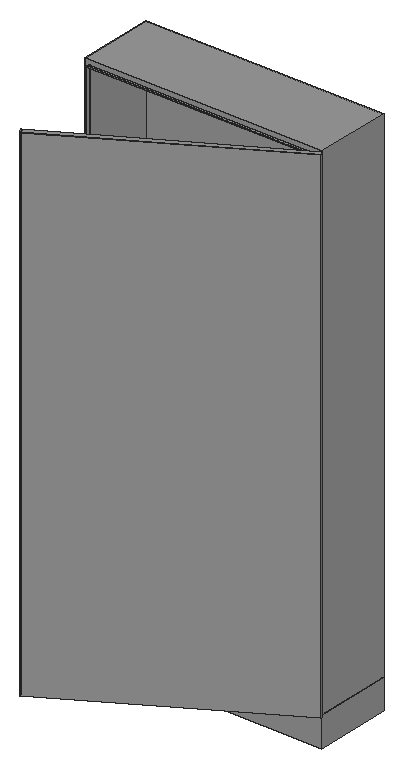
Revit family "Hager-Univers-IP55-D275-H1800-Cl.II-Steel_encl-NoHosted-NL-en", category Equipement électrique, Revit 2020
Family settings
  Configuration du panneau = Deux colonnes, circuits au sein
  Cote de connecteur circulaire = Utiliser le diamètre
  Type d'élément = Tableau de raccordement
  Basée sur le plan de construction = Oui
  Toujours verticalement = Oui
  Couper avec des vides une fois chargée = Non
  Partagée = Non
  Point de calcul de pièce = Non
Parameters (values of type "Floor installation IP55 W800 H1800 D275  - FR13S1")
  Width Control [instance] = if([EF000008 - Width] > Min Width, [EF000008 - Width], Min Width)  # 800 mm
  Commentaires du type = [HG000003 - Range]  # "Univers"
  Thickness Door [instance] = if([EF009171 - Material plate thickness door/cover] > 3 mm, 3 mm, [EF009171 - Material plate thickness door/cover])  # 1.5 mm
  Seal Frame Offset [instance] = 17 mm  # constant formula
  Plinth Visibility [instance] = [HG000027 - Plinth height] > 0 mm  # yes
  Min Width [instance] = 100 mm  # constant formula
  Min Depth [instance] = (2 * [EF009170 - Material plate thickness cabinet]) + 1 mm  # 4 mm
  Min Height [instance] = 100 mm  # constant formula
  Internal Frame Depth [instance] = (Door System Depth * 0.5)  # 9 mm
  Panel Name [instance] = ""  # (empty or 0)
  Model = ""
  HG000027 - Plinth height = 100 mm
  HG000026 - Floor standing = yes
  HG000024 - Bottom section height = 600 mm
  HG000023 - Double section enclosure = no
  HG000016 - Door 3d visibility [instance] = yes
  HG000015 - Clearance visibility [instance] = no
  HG000014 - Door on the right [instance] = yes
  HG000013 - Door on the left [instance] = not([HG000014 - Door on the right])  # no
  HG000012 - Door swing angle [instance] = 30.00°
  HG000010 - Asymmetric doors = no
  HG000009 - Double swing door = no
  HG000006 - Flush mounted = no
  HG000004 - Manufacturer reference = "FR13S1"
  HG000003 - Range = "Univers"
  HG000002 - With door or cover = yes
  Frame Offset Bottom [instance] = 10 mm  # constant formula
  Frame Offset [instance] = 15 mm  # constant formula
  EF015940 - Cover with overpressure release = no
  EF011959 - Degree of protection (NEMA) = ""
  EF009554 - Number of openings for flange plates = 6
  EF009212 - Cover model = "EV000116 - Closed"
  EF009171 - Material plate thickness door/cover = 1.5 mm
  EF009170 - Material plate thickness cabinet = 1.5 mm
  EF008873 - Nominal current (In) = 800 A
  EF007800 - Suitable for lightning protection = no
  EF006306 - With lock = no
  EF006244 - Transparent cover/door = no
  EF005474 - Degree of protection (IP) = "EV006420 - IP55"
  EF004464 - Type of door = "EV002646 - Single"
  EF004427 - Number of modules = 396
  EF004293 - Impact strength = "EV008784 - IK10"
  EF003532 - Suitable for outdoor use = no
  EF002950 - Width in number of modular spacings = 24
  EF001613 - Circuit integrity = "EV000494 - None"
  EF001596 - Material housing = "EV000179 - Steel"
  EF001131 - Internal depth = 275 mm
  EF001088 - Extension possible = yes
  EF000437 - Number of conduit inlets = 6
  EF000339 - Type of cover = "EV004216 - Door"
  EF000266 - Number of rows = 11
  EF000218 - Built-in depth = 0 mm
  EF000118 - With mounting plate = no
  EF000116 - RAL-number = "7035"
  EF000049 - Depth = 275 mm
  EF000040 - Height = 1800 mm
  EF000008 - Width = 800 mm
  EF000007 - Colour = "EV000270 - Grey"
  EF000003 - Mounting method = "EV012274 - Floor installation"
  Door System Leaf Tolerance [instance] = 1.5 mm  # constant formula
  Door System Depth [instance] = 18 mm  # constant formula
  Door Height [instance] = Height Control - [HG000027 - Plinth height]  # 1700 mm
  Description = ""
  Default Elevation = 1219.2 mm
  Connector Offset [instance] = Height Control / 2  # 900 mm
  Fabricant = "Hager"  # constant formula
  Height Control [instance] = if([EF000040 - Height] > Min Height, [EF000040 - Height], Min Height)  # 1800 mm
  Depth Control [instance] = if([EF000049 - Depth] > Min Depth, [EF000049 - Depth], Min Depth)  # 275 mm
  Bottom Top Plate Trim [instance] = 1.5 mm  # constant formula
  Plinth height Ctrl [instance] = if([HG000027 - Plinth height] > 0 mm, [HG000027 - Plinth height], 12 mm)  # 100 mm
Types (5, lengths in mm): name | Width Control | HG000010 - Asymmetric doors | HG000009 - Double swing door | HG000004 - Manufacturer reference | EF009554 - Number of openings for flange plates | EF004464 - Type of door | EF004427 - Number of modules | EF000437 - Number of conduit inlets | EF000008 - Width
  Floor installation IP55 W1050 H1800 D275  - FR14S1 | 1050 | yes | yes | "FR14S1" | 8 | "EV003602 - Double" | 528 | 8 | 1050
  Floor installation IP55 W1300 H1800 D275  - FR15S1 | 1300 | yes | yes | "FR15S1" | 10 | "EV003602 - Double" | 660 | 10 | 1300
  Floor installation IP55 W300 H1800 D275  - FR11S1 | 300 | no | no | "FR11S1" | 2 | "EV002646 - Single" | 132 | 2 | 300
  Floor installation IP55 W550 H1800 D275  - FR12S1 | 550 | no | no | "FR12S1" | 4 | "EV002646 - Single" | 264 | 4 | 550
  Floor installation IP55 W800 H1800 D275  - FR13S1 | 800 | no | no | "FR13S1" | 6 | "EV002646 - Single" | 396 | 6 | 800
Reference planes
  plane 1 "Center (Front/Back)": y = 0
  plane 2: z = 0
  plane 3 "Center (Left/Right)": x = 0
  plane 4: y = 0
  plane 5: y = 0
  plane 6: z = 0
  plane 7: x = -400
  plane 8: x = 400
  plane 9: x = 398.5
  plane 10: x = -398.5
  plane 11: z = 100
  plane 12: z = 101.5
  plane 13: y = -275
  plane 14: y = -1.5
  plane 15: x = 0
  plane 16: y = -257
  plane 17: y = -273.5
  plane 18: y = -255.5
  plane 19: x = -383.5
  plane 20: x = 383.5
  plane 21: z = 111.5
  plane 22: x = -383
  plane 23: x = 383
  plane 24: z = 100
  plane 25: z = 1800
  plane 26: z = 1800
  plane 27: z = 1783.5
  plane 28: z = 1798.5
Forms (mm)
  Extrusion 1, solid, material "Hager_Steel_RAL7035_Light_Grey", detail levels medium+fine
    sketch origin (-208.679, -4572, 100) x (-1, 0, 0) y (0, -1, 0)
      loop
        line (191.321, -4315) -> (-608.679, -4315) -> (-608.679, -4572) -> (191.321, -4572) -> (191.321, -4315)
    from 0 to 1700
  Extrusion 2, void
    sketch origin (-350.771, -275, 1219.2) x (1, 0, 0) y (0, 0, 1)
      loop
        line (-47.729, 579.3) -> (-47.729, -1117.7) -> (749.271, -1117.7) -> (749.271, 579.3) -> (-47.729, 579.3)
    from -19.5 to -273.5
  Extrusion 3, void
    sketch origin (-290.084, -257, 1219.2) x (1, 0, 0) y (0, 0, 1)
      loop
        line (-93.416, -1107.7) -> (673.584, -1107.7) -> (673.584, 564.3) -> (-93.416, 564.3) -> (-93.416, -1107.7)
    from 0 to -1.5
  Extrusion 4, solid, material "Hager_Steel_RAL7035_Light_Grey", visible <- "Plinth Visibility", detail levels medium+fine
    sketch origin (0, 0, 0) x (1, 0, 0) y (0, 1, 0)
      loop
        line (-400, 0) -> (-400, -257) -> (400, -257) -> (400, 0) -> (-400, 0)
    from 0 to 100 <- "Plinth height Ctrl"
  Extrusion 5, solid, material "Hager_Steel_RAL7035_Light_Grey", detail levels coarse
    sketch origin (0, 0, 0) x (1, 0, 0) y (0, 1, 0)
      loop
        line (-400, 0) -> (-400, -275) -> (400, -275) -> (400, 0) -> (-400, 0)
    from 0 to 1800 <- "Height Control"
  Sweep 6, void
    path in 3D
      loop
        line (-400, -257, 100) -> (400, -257, 100) -> (400, 0, 100) -> (-400, 0, 100) -> (-400, -257, 100)
    profile origin (-400, -128.5, 100) x (1, 0, 0) y (0, 0, 1)
      loop
        line (0, 0) -> (0, -1.5) -> (1.5, -1.5)
        arc (1.5, -1.5) -> (1.061, -0.439) -> (0, 0) r 1.5
  Extrusion 7, solid, material "Hager_Steel_RAL7035_Light_Grey", detail levels fine
    sketch origin (-400, -257, 100) x (1, 0, 0) y (0, 0, 1)
      loop
        line (16.5, 11.5) -> (783.5, 11.5) -> (783.5, 1683.5) -> (16.5, 1683.5) -> (16.5, 11.5)
      loop
        line (15, 10) -> (785, 10) -> (785, 1685) -> (15, 1685) -> (15, 10)
    from 0 to 9 <- "Internal Frame Depth"
Cuts and joins
  Extrusion 2, Extrusion 3 cuts Extrusion 1
  Sweep 6 cuts Extrusion 4
Lines and regions (mm)
  Masking region 1
    outline origin (0, 0, 0) x (1, 0, 0) y (0, 1, 0)
      loop
        line (-400, 0) -> (-400, -275) -> (400, -275) -> (400, 0) -> (-400, 0)
  Masking region 2, detail levels coarse
    outline origin (-290.084, -257, 1219.2) x (-1, 0, 0) y (0, 0, 1)
      loop
        line (-690.084, -1219.2) -> (109.916, -1219.2) -> (109.916, 580.8) -> (-690.084, 580.8) -> (-690.084, -1219.2)
  Masking region 3, detail levels coarse
    outline origin (0, 0, 0) x (0, 1, 0) y (0, 0, 1)
      loop
        line (0, 0) -> (0, 1800) -> (-275, 1800) -> (-275, 0) -> (0, 0)
  Masking region 4, visible <- "Plinth Visibility", detail levels medium+fine
    outline origin (0, 0, 0) x (0, 1, 0) y (0, 0, 1)
      loop
        line (-1.5, 100) -> (-255.5, 100)
        arc (-255.5, 100) -> (-255.939, 98.939) -> (-257, 98.5) r 1.5
        line (-257, 98.5) -> (-257, 0) -> (0, 0) -> (0, 98.5)
        arc (0, 98.5) -> (-1.061, 98.939) -> (-1.5, 100) r 1.5
  Masking region 5, detail levels medium+fine
    outline origin (0, 0, 594.038) x (0, 1, 0) y (0, 0, 1)
      loop
        line (0, -494.038) -> (0, 1205.962) -> (-257, 1205.962) -> (-257, -494.038) -> (0, -494.038)
  Masking region 6, detail levels medium+fine
    outline origin (-359.7, -257, 1211.883) x (-1, 0, 0) y (0, 0, 1)
      loop
        line (-759.7, -1111.883) -> (40.3, -1111.883) -> (40.3, 588.117) -> (-759.7, 588.117) -> (-759.7, -1111.883)
  Masking region 7, visible <- "Plinth Visibility", detail levels medium+fine
    outline origin (-320.334, -257, 1041.368) x (-1, 0, 0) y (0, 0, 1)
      loop
        line (-720.334, -1041.368) -> (79.666, -1041.368) -> (79.666, -942.868)
        arc (79.666, -942.868) -> (78.606, -942.429) -> (78.166, -941.368) r 1.5
        line (78.166, -941.368) -> (-718.834, -941.368)
        arc (-718.834, -941.368) -> (-719.273, -942.429) -> (-720.334, -942.868) r 1.5
        line (-720.334, -942.868) -> (-720.334, -1041.368)
  sketch lines
    curve 1: line (-400, 0, 100) -> (-400, -257, 100)
    curve 2: line (-400, -257, 100) -> (400, -257, 100)
    curve 3: line (400, 0, 100) -> (-400, 0, 100)
    curve 4: line (400, -257, 100) -> (400, 0, 100)
Dimensions and locks
  locked: plane 1 "Center (Front/Back)" to plane 5
  "EF009170 - Material plate thickness cabinet": plane 7 to plane 10
  "EF009170 - Material plate thickness cabinet": plane 8 to plane 9
  equal spacing: plane 7, plane 3 "Center (Left/Right)", plane 8
  "Width Control": plane 7 to plane 8
  "Depth Control": plane 4 to plane 13
  "EF009170 - Material plate thickness cabinet": plane 4 to plane 14
  "Height Control": plane 25 to level
  "HG000027 - Plinth height": plane 11 to level
  "EF009170 - Material plate thickness cabinet": plane 12 to plane 11
  "EF009170 - Material plate thickness cabinet": plane 17 to plane 13
  "EF009170 - Material plate thickness cabinet": plane 18 to plane 16
  "Frame Offset Bottom": plane 21 to plane 12
  "Frame Offset": plane 10 to plane 19
  "Frame Offset": plane 9 to plane 20
  "Door System Depth": plane 16 to plane 13
  "Seal Frame Offset": plane 7 to plane 22
  "Seal Frame Offset": plane 8 to plane 23
  "EF009170 - Material plate thickness cabinet": plane 26 to plane 28
  "Frame Offset": plane 28 to plane 27
  "Connector Offset": plane 2 to connector elem
  "Bottom Top Plate Trim": profile plane to Sweep 6 sketch curve
  "Bottom Top Plate Trim": Sweep 6 sketch curve to Sweep 6 sketch curve
  "Plinth height Ctrl": Masking region 4 sketch curve to level
  "Plinth height Ctrl": Masking region 7 sketch curve to level
  "Thickness Door": Extrusion 7 sketch curve to Extrusion 7 sketch curve  (x4)
  "Bottom Top Plate Trim": radius of Sweep 6 sketch curve
  "Bottom Top Plate Trim": radius of Masking region 4 sketch curve  (x2)
  "Bottom Top Plate Trim": radius of Masking region 7 sketch curve  (x2)
  aligned and locked: Extrusion 2 sketch curve to plane 12
  aligned and locked: Extrusion 2 sketch curve to plane 9
  aligned and locked: Extrusion 2 sketch curve to plane 10
  aligned and locked: Extrusion 2 to plane 14
  aligned and locked: Extrusion 1 sketch curve to plane 4
  aligned and locked: plane 8 to Extrusion 1 sketch curve
  aligned and locked: plane 7 to Extrusion 1 sketch curve
  aligned and locked: Extrusion 2 to plane 18
  aligned and locked: Extrusion 3 sketch curve to plane 19
  aligned and locked: plane 20 to Extrusion 3 sketch curve
  aligned and locked: Extrusion 3 to Extrusion 2
  aligned and locked: Extrusion 3 sketch curve to plane 21
  aligned and locked: plane 3 "Center (Left/Right)" to nested 1
  aligned and locked: Extrusion 1 sketch curve to plane 16
  aligned and locked: Extrusion 4 sketch curve to cut or joined group of Extrusion 1, Extrusion 2, Extrusion 3
  aligned and locked: Masking region 1 sketch curve to plane 7
  aligned and locked: Masking region 1 sketch curve to plane 5
  aligned and locked: Masking region 1 sketch curve to plane 8
  aligned and locked: Masking region 2 sketch curve to level
  aligned and locked: level to Masking region 3 sketch curve
  aligned and locked: plane 1 "Center (Front/Back)" to Masking region 3 sketch curve
  aligned and locked: plane 13 to Masking region 3 sketch curve
  aligned and locked: plane 5 to Masking region 4 sketch curve
  aligned and locked: Masking region 2 sketch curve to plane 8
  aligned and locked: Masking region 2 sketch curve to plane 7
  aligned and locked: plane 7 to nested 2
  aligned and locked: nested 2 to plane 5
  aligned and locked: plane 5 to Masking region 5 sketch curve
  aligned and locked: plane 26 to Masking region 5 sketch curve
  aligned and locked: Extrusion 5 sketch curve to plane 8
  aligned and locked: Extrusion 5 sketch curve to plane 7
  aligned and locked: Extrusion 5 sketch curve to plane 5
  aligned and locked: Extrusion 3 sketch curve to plane 27
  aligned and locked: Extrusion 2 sketch curve to plane 28
  aligned and locked: Masking region 2 to plane 25
  aligned and locked: Extrusion 4 to plane 16
  aligned and locked: profile plane to Sweep 6 sketch curve
  aligned and locked: Masking region 5 sketch curve to plane 24
  aligned and locked: level to Masking region 4 sketch curve
  aligned and locked: Masking region 1 to plane 13
  aligned and locked: nested 1 to plane 16
  aligned and locked: Masking region 3 to plane 25
  aligned and locked: plane 16 to Masking region 4 sketch curve
  aligned and locked: Masking region 5 sketch curve to plane 16
  aligned and locked: plane 24 to plane 11
  aligned and locked: plane 26 to plane 25
  aligned and locked: plane 26 to cut or joined group of Extrusion 1, Extrusion 2, Extrusion 3
  aligned and locked: nested 1 to plane 24
  aligned and locked: Extrusion 1 to Extrusion 3
  aligned and locked: Masking region 6 sketch curve to plane 8
  aligned and locked: Masking region 6 sketch curve to plane 24
  aligned and locked: Masking region 6 sketch curve to plane 7
  aligned and locked: Masking region 6 sketch curve to plane 26
  aligned and locked: Masking region 7 sketch curve to plane 7
  aligned and locked: level to Masking region 7 sketch curve
  aligned and locked: Masking region 7 sketch curve to plane 8
  aligned and locked: Extrusion 7 sketch curve to cut or joined group of Extrusion 1, Extrusion 2, Extrusion 3  (x4)
Automatic sketch dimensions
  plane 19 to Extrusion 3 sketch curve = 0 mm
  Extrusion 3 sketch curve to plane 20 = 0 mm
  Extrusion 3 sketch curve to plane 21 = 0 mm
  Extrusion 4 sketch curve to plane 7 = 0 mm
  Extrusion 4 sketch curve to plane 8 = 0 mm
  Extrusion 4 sketch curve to plane 16 = 0 mm
  Masking region 1 sketch curve to plane 13 = 0 mm
  Masking region 2 sketch curve to plane 25 = 0 mm
  Masking region 3 sketch curve to plane 25 = 0 mm
  Extrusion 5 sketch curve to plane 13 = 0 mm
  profile plane to Sweep 6 sketch curve = 0 mm
Nested families
  nested 1: "EC000058_Univers_Door" at (0, -257, 100), Double <- "HG000009 - Double swing door", Transparent <- "EF006244 - Transparent cover/door", Angle <- "HG000012 - Door swing angle", Door_Right <- "HG000014 - Door on the right", Assymetrical <- "HG000010 - Asymmetric doors", Door <- "HG000002 - With door or cover", Width_Ctrl <- "Width Control", 3d_Door <- "HG000016 - Door 3d visibility", Clearance <- "HG000015 - Clearance visibility", Door_Left <- "HG000013 - Door on the left", Width <- "Width Control", Door_Depth <- "Door System Depth", Leaf_Tolerance <- "Door System Leaf Tolerance", Height <- "Door Height", Lock_Visibility <- "EF006306 - With lock", Thickness <- "Thickness Door", type "EC000058_Univers_Door", detail levels medium+fine
    with min_wh 4 mm, Width_Ctrl 800 mm, Width 800 mm, Transparent no, Thickness 1.5 mm, Seal_Material Hager_Rubber, Lock_Visibility no, Lock_Material Hager_Plastic_RAL9005_Jet_Black, Leaf_Width 800 mm, Leaf_Tolerance_External_Sides 0 mm, Leaf_Tolerance 1.5 mm, Leaf_Offset 0 mm, Leaf_Height 1697 mm, Leaf_2_Width 800 mm, Leaf_2_Offset 400 mm, Leaf_1_Width 800 mm, Leaf_1_Offset 400 mm, Height_Ctrl 1700 mm, Height 1700 mm, Glass_Material Hager_Glass, Double_Clearance_Ctrl no, Double no, Door_Right_Ctrl yes, Door_Right yes, Door_Material Hager_Steel_RAL7035_Light_Grey, Door_Left_Ctrl no, Door_Left no, Door_Depth 18 mm, Door yes, Clearance_Material Hager_Clearance, Clearance_Depth 800 mm, Clearance_Ctrl no, Clearance no, Assymetrical no, Angle 30.00°, 3d_Door yes
  nested 2: "Hager_Enclosure_Symbol" at (-400, 0, 0), Height <- "Depth Control", Width <- "Width Control", type "Hager_Enclosure_Symbol"
    with Width_Ctrl 800 mm, Width 800 mm, Height_Ctrl 275 mm, Height 275 mm, A_Width_Int 18.047 mm, A_Width 216.562 mm, A_Height_Ctrl 240.625 mm, A_Height 240.625 mm
Connectors
  electrical at (0, 0, 900)
    settings: on plane 1 "Center (Front/Back)", index 1, voltage 0 V, apparent load 0 VA, apparent load phase1 0 VA, apparent load phase2 0 VA, apparent load phase3 0 VA, power factor 1, load classification "Other", number of poles 1, system type 30, power factor state 1, is connector primary yes, connector utility no, sub classification motor no, connector description ""
Definition of nested family "EC000058_Univers_Door"
  Parameters (values of type "EC000058_Univers_Door")
    min_wh [instance] = (2 * Thickness) + 1 mm  # 11 mm
    Width_Ctrl [instance] = 400 mm
    Width [instance] = 500 mm
    Transparent [instance] = yes
    Thickness [instance] = 5 mm
    Seal_Material [instance] = none
    Lock_Visibility [instance] = yes
    Lock_Material [instance] = none
    Leaf_Width [instance] = if((Width_Ctrl - 2 * Leaf_Tolerance_External_Sides) > 0 mm, (Width_Ctrl - 2 * Leaf_Tolerance_External_Sides), min_wh)  # 400 mm
    Leaf_Tolerance_External_Sides [instance] = 0 mm  # constant formula
    Leaf_Tolerance [instance] = 1.5 mm
    Leaf_Offset [instance] = 0 mm  # constant formula
    Leaf_Height [instance] = if((Height_Ctrl - 2 * Leaf_Tolerance) > 0 mm, (Height_Ctrl - 2 * Leaf_Tolerance), min_wh)  # 497 mm
    Leaf_2_Width [instance] = if(and(and(Double, Assymetrical), Door_Left), (Leaf_Width / 3) - (Leaf_Tolerance / 2), if(and(and(Double, Assymetrical), Door_Right), (Leaf_Width / 3) * 2 - (Leaf_Tolerance / 2), if(and(Double, not(Assymetrical)), (Leaf_Width / 2) - Leaf_Tolerance, Leaf_Width)))  # 400 mm
    Leaf_2_Offset [instance] = if(and(Double, Assymetrical), Leaf_2_Width / 2, if(and(Double, not(Assymetrical)), Leaf_Width / 4, Leaf_Width / 2))  # 200 mm
    Leaf_1_Width [instance] = if(and(and(Double, Assymetrical), Door_Right), (Leaf_Width / 3) - (Leaf_Tolerance / 2), if(and(and(Double, Assymetrical), Door_Left), (Width / 3) * 2 - (Leaf_Tolerance / 2), if(and(Double, not(Assymetrical)), (Leaf_Width / 2) - Leaf_Tolerance, Leaf_Width)))  # 400 mm
    Leaf_1_Offset [instance] = if(and(Double, Assymetrical), Leaf_1_Width / 2, if(and(Double, not(Assymetrical)), Leaf_Width / 4, Leaf_Width / 2))  # 200 mm
    Height_Ctrl [instance] = if(Height > min_wh, Height, min_wh)  # 500 mm
    Height [instance] = 500 mm
    Glass_Material [instance] = none
    Double_Clearance_Ctrl [instance] = and(Double, Clearance)  # no
    Double [instance] = no
    Door_Right_Ctrl [instance] = and(or(Door_Right, Double), Door)  # yes
    Door_Right [instance] = yes
    Door_Material [instance] = none
    Door_Left_Ctrl [instance] = and(or(Door_Left, Double), Door)  # no
    Door_Left [instance] = no
    Door_Depth [instance] = 30 mm
    Door [instance] = yes
    Default Elevation = 1219.2 mm
    Clearance_Material [instance] = none
    Clearance_Depth [instance] = if(Leaf_1_Width > Leaf_2_Width, Leaf_1_Width, Leaf_2_Width)  # 400 mm
    Clearance_Ctrl [instance] = and(not(Double), Clearance)  # yes
    Clearance [instance] = yes
    Assymetrical [instance] = yes
    Angle [instance] = 30.00°
    3d_Door [instance] = yes
  Reference planes
    plane 1 "Center (Front/Back)": y = 0
    plane 2 "Bottom": z = 0
    plane 3 "Center (Left/Right)": x = 0
    plane 4: z = 500
    plane 5: x = -200
    plane 6: x = 200
    plane 7: z = 500
    plane 8: x = -200
    plane 9: z = 0
    plane 10: x = 200
    plane 11: y = 0
    plane 12: z = 1.5
    plane 13: x = -600
    plane 14: y = -400
    plane 15: x = 600
    plane 16: x = 0
    plane 17: x = 0
    plane 18: x = -200
    plane 19: x = 200
    plane 20: z = 498.5
  Forms (mm)
    Extrusion 1, solid, material <- "Clearance_Material", visible <- "Double_Clearance_Ctrl"
      sketch origin (1200, 0, 0) x (1, 0, 0) y (0, 0, -1)
        loop
          line (-1800, -498.5) -> (-600, -498.5) -> (-600, 0) -> (-1800, 0) -> (-1800, -498.5)
      from 0 to -400
  Dimensions and locks
    equal spacing: plane 5, plane 3 "Center (Left/Right)", plane 6
    "Width_Ctrl": plane 5 to plane 6
    "Leaf_Offset": plane 5 to plane 8
    "Leaf_Offset": plane 6 to plane 10
    "Leaf_Offset": plane 9 to level
    "Leaf_Offset": plane 4 to plane 7
    "Height_Ctrl": plane 4 to level
    "Leaf_Tolerance": plane 12 to plane 9
    locked: plane 11 to plane 1 "Center (Front/Back)"
    "Leaf_1_Offset": plane 18 to plane 16
    "Leaf_2_Offset": plane 17 to plane 19
    "Leaf_1_Width": plane 13 to plane 8
    "Leaf_2_Width": plane 10 to plane 15
    "Clearance_Depth": plane 14 to plane 1 "Center (Front/Back)"
    "Leaf_Tolerance_External_Sides": plane 8 to plane 18
    "Leaf_Tolerance_External_Sides": plane 19 to plane 10
    "Leaf_Tolerance": plane 7 to plane 20
    aligned and locked: level to plane 2 "Bottom"
    aligned and locked: nested 1 to plane 16
    aligned and locked: nested 2 to plane 17
    aligned and locked: Extrusion 1 to plane 13
    aligned and locked: plane 15 to Extrusion 1
    aligned and locked: Extrusion 1 to plane 14
    aligned and locked: plane 12 to nested 1
    aligned and locked: nested 2 to plane 12
    aligned and locked: Extrusion 1 to plane 11
    aligned and locked: plane 20 to Extrusion 1
    aligned and locked: nested 2 to plane 11
    aligned and locked: nested 1 to plane 11
  Automatic sketch dimensions
    Extrusion 1 sketch curve to level = 0 mm
    plane 5 to Extrusion 1 sketch curve = 400 mm
    plane 6 to Extrusion 1 sketch curve = 400 mm
    Extrusion 1 sketch curve to plane 4 = 1.5 mm
  Nested families
    nested 1: "EC000058_Univers_Door_Leaf" at (0, 0, 1.5), Width <- "Leaf_1_Width", visible <- "Door_Left_Ctrl", Leaf_Height <- "Leaf_Height", Angle <- "Angle", 3d_Door <- "3d_Door", Transparent <- "Transparent", Clearance Material <- "Clearance_Material", Clearance <- "Clearance_Ctrl", Door_Material <- "Door_Material", Glass_Material <- "Glass_Material", Door_Depth <- "Door_Depth", Lock_Material <- "Lock_Material", Seal_Material <- "Seal_Material", Lock_Visibility <- "Lock_Visibility", Thickness <- "Thickness", type "EC000058_Univers_Door_Leaf"
      with Width 400 mm, Transparent_Glass_Offset 30 mm, Transparent_Ctrl yes, Transparent yes, Thickness 5 mm, Standard no, Seal_Material none, Seal_D2 8 mm, Seal_D1 1 mm, Offset_Internal_Frame 10 mm, Lock_Width 20 mm, Lock_Visibility_3d yes, Lock_Visibility yes, Lock_Thickness_3 3 mm, Lock_Thickness_2 1 mm, Lock_Thickness_1 3 mm, Lock_Radius_Offset_2 16 mm, Lock_Radius_Offset_1 15 mm, Lock_Radius_2 5 mm, Lock_Radius 6 mm, Lock_Offset 5 mm, Lock_Material none, Lock_Height 80 mm, Lock_Cover_Top_Offset_2d 17 mm, Lock_Cover_Height -65 mm, Leaf_Height 497 mm, Internal_Seal_Thickness 8 mm, Internal_Seal_Depth_2 4.5 mm, Internal_Frame_Depth 25 mm, Glass_Thickness -1 mm, Glass_Offset -2 mm, Glass_Material none, Door_Material none, Door_Depth 30 mm, Clearance Material none, Clearance yes, Angle_Ctrl 30.00°, Angle 30.00°, 3d_Door yes
    nested 2: "EC000058_Univers_Door_Leaf" at (0, 0, 1.5) x (-1, 0, 0) z (0, 0, 1), Width <- "Leaf_2_Width", visible <- "Door_Right_Ctrl", Leaf_Height <- "Leaf_Height", Angle <- "Angle", 3d_Door <- "3d_Door", Transparent <- "Transparent", Clearance Material <- "Clearance_Material", Clearance <- "Clearance_Ctrl", Door_Material <- "Door_Material", Glass_Material <- "Glass_Material", Door_Depth <- "Door_Depth", Lock_Material <- "Lock_Material", Seal_Material <- "Seal_Material", Lock_Visibility <- "Lock_Visibility", Thickness <- "Thickness", type "EC000058_Univers_Door_Leaf"
      with Width 400 mm, Transparent_Glass_Offset 30 mm, Transparent_Ctrl yes, Transparent yes, Thickness 5 mm, Standard no, Seal_Material none, Seal_D2 8 mm, Seal_D1 1 mm, Offset_Internal_Frame 10 mm, Lock_Width 20 mm, Lock_Visibility_3d yes, Lock_Visibility yes, Lock_Thickness_3 3 mm, Lock_Thickness_2 1 mm, Lock_Thickness_1 3 mm, Lock_Radius_Offset_2 16 mm, Lock_Radius_Offset_1 15 mm, Lock_Radius_2 5 mm, Lock_Radius 6 mm, Lock_Offset 5 mm, Lock_Material none, Lock_Height 80 mm, Lock_Cover_Top_Offset_2d 17 mm, Lock_Cover_Height -65 mm, Leaf_Height 497 mm, Internal_Seal_Thickness 8 mm, Internal_Seal_Depth_2 4.5 mm, Internal_Frame_Depth 25 mm, Glass_Thickness -1 mm, Glass_Offset -2 mm, Glass_Material none, Door_Material none, Door_Depth 30 mm, Clearance Material none, Clearance yes, Angle_Ctrl 30.00°, Angle 30.00°, 3d_Door yes
  Definition of nested family "EC000058_Univers_Door_Leaf"
    Parameters (values of type "EC000058_Univers_Door_Leaf")
      Width [instance] = 2000 mm
      Transparent_Glass_Offset [instance] = 30 mm
      Transparent_Ctrl [instance] = and(Transparent, [3d_Door])  # yes
      Transparent [instance] = yes
      Thickness [instance] = 5 mm
      Standard [instance] = and(not(Transparent), [3d_Door])  # no
      Seal_Material [instance] = none
      Seal_D2 [instance] = 8 mm  # constant formula
      Seal_D1 [instance] = 1 mm  # constant formula
      Offset_Internal_Frame [instance] = 10 mm  # constant formula
      Lock_Width [instance] = 20 mm  # constant formula
      Lock_Visibility_3d [instance] = and(Lock_Visibility, [3d_Door])  # yes
      Lock_Visibility [instance] = yes
      Lock_Thickness_3 [instance] = 3 mm  # constant formula
      Lock_Thickness_2 [instance] = 1 mm  # constant formula
      Lock_Thickness_1 [instance] = 3 mm  # constant formula
      Lock_Radius_Offset_2 [instance] = Lock_Radius_Offset_1 + 1 mm  # 16 mm
      Lock_Radius_Offset_1 [instance] = 15 mm  # constant formula
      Lock_Radius_2 [instance] = Lock_Radius - 1 mm  # 5 mm
      Lock_Radius [instance] = 6 mm  # constant formula
      Lock_Offset [instance] = 5 mm  # constant formula
      Lock_Material [instance] = none
      Lock_Height [instance] = 80 mm  # constant formula
      Lock_Cover_Top_Offset_2d [instance] = Lock_Radius_Offset_2 + 1 mm  # 17 mm
      Lock_Cover_Height [instance] = -(Lock_Height - Lock_Radius_Offset_1)  # -65 mm
      Leaf_Height [instance] = 2720.336 mm
      Internal_Seal_Thickness [instance] = 8 mm  # constant formula
      Internal_Seal_Depth_2 [instance] = 4.5 mm  # constant formula
      Internal_Frame_Depth [instance] = if(Door_Depth - Thickness > 5 mm, Door_Depth - Thickness, 5 mm)  # 25 mm
      Glass_Thickness [instance] = if(Thickness > 15 mm, Glass_Offset + 10 mm, -1 mm)  # -1 mm
      Glass_Offset [instance] = if(Thickness > 15 mm, -(Thickness + 10 mm) / 2, -2 mm)  # -2 mm
      Glass_Material [instance] = none
      Door_Material [instance] = none
      Door_Depth [instance] = 30 mm
      Default Elevation = 0 mm
      Clearance Material [instance] = none
      Clearance [instance] = yes
      Angle_Ctrl [instance] = if(Angle > 180.00°, 180.00°, Angle)  # 90.00°
      Angle [instance] = 90.00°
      3d_Door [instance] = yes
    Reference planes
      plane 1 "Center (Front/Back)": y = 0
      plane 2: z = 0
      plane 3 "Center (Left/Right)": x = 0
      plane 4: y = 2000
      plane 5: x = -1000
      plane 6: x = 1000
      plane 7: x = -3000
      plane 8: z = 2720.336
      plane 9: z = 30
      plane 10: z = 2690.336
      plane 11: x = 970
      plane 12: x = -970
      plane 13: y = -3
      plane 14: z = 107.833
      plane 15: y = -5
      plane 16: y = -223.314
      plane 17: x = -1000
      plane 18: z = 1360.168
      plane 19: y = 30
    Forms (mm)
      Extrusion 1, solid, material <- "Clearance Material", visible <- "Clearance"
        sketch origin (0, 0, 0) x (1, 0, 0) y (0, 0, 1)
          loop
            line (-3000, 2720.336) -> (-3000, 0) -> (1000, 0) -> (1000, 2720.336) -> (-3000, 2720.336)
        from 0 to -2000
      Extrusion 2, solid, material <- "Door_Material", visible <- "Standard", detail levels medium+fine
        sketch origin (-1000, 0, 0) x (0, 1, 0) y (-1, 0, 0)
          loop
            line (0, 30) -> (0, 25) -> (2000, 25) -> (2000, 30) -> (0, 30)
        from 0 to 2720.336 <- "Leaf_Height"
      Extrusion 3, solid, material <- "Door_Material", visible <- "Transparent_Ctrl", detail levels medium+fine
        sketch origin (-1000, 0, 0) x (0, 1, 0) y (-1, 0, 0)
          loop
            line (0, 25) -> (2000, 25) -> (2000, 30) -> (0, 30) -> (0, 25)
        from 0 to 2720.336 <- "Leaf_Height"
      Extrusion 4, void
        sketch origin (-1025, 2000, 0) x (0, 1, 0) y (0, 0, -1)
          loop
            line (-30, -2690.336) -> (-30, -30) -> (-1970, -30) -> (-1970, -2690.336) -> (-30, -2690.336)
        from 0 to 5 <- "Thickness"
      Sweep 5, solid, material <- "Seal_Material", visible <- "Transparent_Ctrl", detail levels fine
        path in 3D
          loop
            line (-1025, 30, 30) -> (-1025, 30, 2690.336) -> (-1025, 1970, 2690.336) -> (-1025, 1970, 30) -> (-1025, 30, 30)
        profile origin (-1025, 1000, 30) x (1, 0, 0) y (0, 0, 1)
          loop
            line (0, 0) -> (0, -8) -> (1, -8) -> (1, 0) -> (0, 0)
      Extrusion 6, solid, material <- "Glass_Material", visible <- "Transparent_Ctrl", detail levels medium+fine
        sketch origin (-1030, 0, 0) x (0, 1, 0) y (0, 0, -1)
          loop
            line (1970, -2690.336) -> (1970, -30) -> (30, -30) -> (30, -2690.336) -> (1970, -2690.336)
        from -2 <- "Glass_Offset" to -1 <- "Glass_Thickness"
      Extrusion 7, solid, material <- "Door_Material", visible <- "3d_Door", detail levels medium+fine
        sketch origin (-1025, 2000, 0) x (0, -1, 0) y (0, 0, -1)
          loop
            line (0, -2720.336) -> (2000, -2720.336) -> (2000, 0) -> (0, 0) -> (0, -2720.336)
          loop
            line (1995, -5) -> (5, -5) -> (5, -2715.336) -> (1995, -2715.336) -> (1995, -5)
        from 0 to 25 <- "Internal_Frame_Depth"
      Sweep 8, solid, material <- "Seal_Material", visible <- "Transparent_Ctrl", detail levels fine
        path in 3D
          loop
            line (-1025, 0, 0) -> (-1025, 2000, 0) -> (-1025, 2000, 2720.336) -> (-1025, 0, 2720.336) -> (-1025, 0, 0)
        profile origin (-1025, 0, 1360.168) x (1, 0, 0) y (0, 1, 0)
          loop
            line (0, 10) -> (2.975, 10)
            arc (2.975, 10) -> (4.053, 10.447) -> (4.5, 11.525) r 1.525
            line (4.5, 11.525) -> (4.5, 16.527)
            arc (4.5, 16.527) -> (4.069, 17.569) -> (3.027, 18) r 1.473
            line (3.027, 18) -> (0, 18) -> (0, 10)
      Extrusion 9, solid, material <- "Lock_Material", visible <- "Lock_Visibility_3d", detail levels fine
        sketch origin (-1030, 0, 0) x (0, 1, 0) y (0, 0, -1)
          loop
            arc (1993.5, -1400.168) -> (1994.561, -1399.729) -> (1995, -1398.668) r 1.5
            line (1995, -1398.668) -> (1995, -1320.168) -> (1975, -1320.168) -> (1975, -1398.668)
            arc (1975, -1398.668) -> (1975.439, -1399.729) -> (1976.5, -1400.168) r 1.5
            line (1976.5, -1400.168) -> (1993.5, -1400.168)
        from 3 <- "Lock_Thickness_1" to 0
      Blend 10, solid, material <- "Lock_Material", visible <- "Lock_Visibility_3d", detail levels fine
        base sketch origin (-1033, 0, 0) x (0, 1, 0) y (0, 0, -1)
          loop
            line (1975, -1320.168) -> (1975, -1398.668)
            arc (1975, -1398.668) -> (1975.439, -1399.729) -> (1976.5, -1400.168) r 1.5
            line (1976.5, -1400.168) -> (1993.5, -1400.168)
            arc (1993.5, -1400.168) -> (1994.561, -1399.729) -> (1995, -1398.668) r 1.5
            line (1995, -1398.668) -> (1995, -1320.168) -> (1975, -1320.168)
        top sketch origin (-1033, 0, 0) x (0, 1, 0) y (0, 0, -1)
          loop
            line (1976, -1320.168) -> (1976, -1398.668)
            arc (1976, -1398.668) -> (1976.146, -1399.022) -> (1976.5, -1399.168) r 0.5
            line (1976.5, -1399.168) -> (1993.5, -1399.168)
            arc (1993.5, -1399.168) -> (1993.854, -1399.022) -> (1994, -1398.668) r 0.5
            line (1994, -1398.668) -> (1994, -1320.168) -> (1976, -1320.168)
        from 0 to 1 <- "Lock_Thickness_2"
      Blend 11, solid, material <- "Lock_Material", visible <- "Lock_Visibility_3d", detail levels fine
        base sketch origin (-1034, 0, 0) x (0, 1, 0) y (0, 0, -1)
          loop
            line (1978, -1320.168) -> (1978, -1384.168)
            arc (1978, -1384.168) -> (1985, -1391.168) -> (1992, -1384.168) r 7
            line (1992, -1384.168) -> (1992, -1320.168) -> (1978, -1320.168)
        top sketch origin (-1034, 0, 0) x (0, 1, 0) y (0, 0, -1)
          loop
            line (1991, -1320.168) -> (1979, -1320.168) -> (1979, -1383.168)
            arc (1979, -1383.168) -> (1985, -1389.168) -> (1991, -1383.168) r 6
            line (1991, -1383.168) -> (1991, -1320.168)
        from 0 to 3 <- "Lock_Thickness_3"
      Extrusion 12, solid, material <- "Lock_Material", visible <- "Lock_Visibility_3d", detail levels fine
        sketch origin (-1030, 1975, 1320.168) x (1, 0, 0) y (0, -1, 0)
          loop
            line (-7, -19) -> (-7, -1) -> (0, -1) -> (0, 0) -> (-8, 0) -> (-8, -20) -> (0, -20) -> (0, -19) -> (-7, -19)
        from 0 to -65 <- "Lock_Cover_Height"
      Extrusion 13, void
        sketch origin (-1038, 1995, 1320.168) x (-1, 0, 0) y (0, 0, -1)
          loop
            line (-5, -65) -> (0, -65) -> (-5, -60) -> (-5, -65)
        from 0 to 20 <- "Lock_Width"
      Extrusion 14, void
        sketch origin (-1038, 1975, 1320.168) x (0, -1, 0) y (0, 0, -1)
          loop
            circle (-10, -15.995) r 6
          loop
            circle (-10, -15.995) r 5
        from 0 to 2
      Extrusion 15, solid, material <- "Lock_Material", visible <- "Lock_Visibility_3d", detail levels medium
        sketch origin (-1030, 0, 0) x (0, 1, 0) y (0, 0, -1)
          loop
            arc (1993.5, -1400.168) -> (1994.561, -1399.729) -> (1995, -1398.668) r 1.5
            line (1995, -1398.668) -> (1995, -1320.168) -> (1975, -1320.168) -> (1975, -1398.668)
            arc (1975, -1398.668) -> (1975.439, -1399.729) -> (1976.5, -1400.168) r 1.5
            line (1976.5, -1400.168) -> (1993.5, -1400.168)
        from 8 to 0
    Cuts and joins
      Extrusion 4 cuts Extrusion 3
      Extrusion 13, Extrusion 14 cuts Extrusion 9
      Extrusion 14 cuts Blend 11
      Extrusion 13, Extrusion 14 cuts Extrusion 12
      joined: Extrusion 9, Blend 10, Blend 11, Extrusion 12
      Extrusion 14 cuts Extrusion 15
    Lines and regions (mm)
      Masking region 1, visible <- "Lock_Visibility", detail levels fine
        outline origin (0, 0, 0) x (0, 1, 0) y (0, 0, 1)
          loop
            line (30, 1320.168) -> (33, 1320.168) -> (33, 1400.168) -> (30, 1400.168) -> (30, 1320.168)
      Masking region 2, visible <- "Lock_Visibility", detail levels fine
        outline origin (0, 3.143, 0) x (0, 1, 0) y (0, 0, 1)
          loop
            line (29.857, 1354.168) -> (30.857, 1354.168) -> (30.857, 1366.168) -> (29.857, 1366.168) -> (29.857, 1354.168)
      Masking region 3, detail levels medium+fine
        outline origin (0, 0, 0) x (0, 1, 0) y (0, 0, 1)
          loop
            line (0, 0) -> (30, 0) -> (30, 2720.336) -> (0, 2720.336) -> (0, 0)
      Masking region 4, detail levels medium+fine
        outline origin (0, 0, 0) x (1, 0, 0) y (0, 0, 1)
          loop
            line (-1000, 2720.336) -> (-1000, 0) -> (1000, 0) -> (1000, 2720.336) -> (-1000, 2720.336)
      Masking region 5, visible <- "Lock_Visibility", detail levels fine
        outline origin (-47.116, 0, 0) x (1, 0, 0) y (0, 0, 1)
          loop
            arc (1024.616, 1399.168) -> (1023.556, 1398.729) -> (1023.116, 1397.668) r 1.5
            line (1023.116, 1397.668) -> (1023.116, 1320.168) -> (1041.116, 1320.168) -> (1041.116, 1397.668)
            arc (1041.116, 1397.668) -> (1040.677, 1398.729) -> (1039.616, 1399.168) r 1.5
            line (1039.616, 1399.168) -> (1024.616, 1399.168)
      Masking region 6, visible <- "Lock_Visibility", detail levels medium+fine
        outline origin (-25, 0, 0) x (1, 0, 0) y (0, 0, 1)
          loop
            arc (1001.5, 1400.168) -> (1000.439, 1399.729) -> (1000, 1398.668) r 1.5
            line (1000, 1398.668) -> (1000, 1320.168) -> (1020, 1320.168) -> (1020, 1398.668)
            arc (1020, 1398.668) -> (1019.561, 1399.729) -> (1018.5, 1400.168) r 1.5
            line (1018.5, 1400.168) -> (1001.5, 1400.168)
      Masking region 7, visible <- "Lock_Visibility", detail levels fine
        outline origin (-73.735, 0, 0) x (1, 0, 0) y (0, 0, 1)
          loop
            line (1051.735, 1382.168) -> (1065.735, 1382.168) -> (1065.735, 1384.168)
            arc (1065.735, 1384.168) -> (1058.735, 1391.168) -> (1051.735, 1384.168) r 7
            line (1051.735, 1384.168) -> (1051.735, 1382.168)
      Masking region 8, visible <- "Lock_Visibility", detail levels fine
        outline origin (-73.735, 0, 0) x (1, 0, 0) y (0, 0, 1)
          loop
            line (1052.735, 1382.168) -> (1064.735, 1382.168) -> (1064.735, 1383.168)
            arc (1064.735, 1383.168) -> (1058.735, 1389.168) -> (1052.735, 1383.168) r 6
            line (1052.735, 1383.168) -> (1052.735, 1382.168)
      Masking region 9, visible <- "Lock_Visibility", detail levels fine
        outline origin (-25, 0, 0) x (1, 0, 0) y (0, 0, 1)
          loop
            line (1020, 1320.168) -> (1020, 1382.168) -> (1000, 1382.168) -> (1000, 1320.168) -> (1020, 1320.168)
      Masking region 10, detail levels medium+fine
        outline origin (0, 0, 0) x (1, 0, 0) y (0, 0, 1)
          loop
            circle (985, 1335.144) r 6
      Masking region 11, detail levels fine
        outline origin (0, 0, 0) x (1, 0, 0) y (0, 0, 1)
          loop
            circle (985, 1335.144) r 5
      Masking region 12, visible <- "Lock_Visibility", detail levels fine
        outline origin (0, 12.767, 0) x (0, 1, 0) y (0, 0, 1)
          loop
            line (20.233, 1320.168) -> (21.233, 1320.168) -> (21.233, 1399.168) -> (20.233, 1400.168) -> (20.233, 1320.168)
      Masking region 13, visible <- "Lock_Visibility", detail levels fine
        outline origin (0, 13.767, -10) x (0, 1, 0) y (0, 0, 1)
          loop
            line (20.233, 1330.168) -> (23.233, 1330.168) -> (23.233, 1399.168) -> (20.233, 1402.168) -> (20.233, 1330.168)
      Masking region 14, visible <- "Lock_Visibility", detail levels fine
        outline origin (0, 12.767, -10) x (0, 1, 0) y (0, 0, 1)
          loop
            line (20.233, 1330.168) -> (25.233, 1330.168) -> (25.233, 1399.305) -> (20.233, 1394.305) -> (20.233, 1330.168)
      Masking region 15, visible <- "Lock_Visibility", detail levels medium
        outline origin (0, 0, 0) x (0, 1, 0) y (0, 0, 1)
          loop
            line (30, 1320.168) -> (38, 1320.168) -> (38, 1400.168) -> (30, 1400.168) -> (30, 1320.168)
      Masking region 16, visible <- "Lock_Visibility", detail levels fine
        outline origin (-1000, 0, 0) x (0, 1, 0) y (-1, 0, 0)
          loop
            line (1975, 30) -> (1995, 30) -> (1995, 38) -> (1975, 38) -> (1975, 30)
          loop
            line (1979, 37) -> (1976, 37) -> (1976, 34) -> (1978, 34) -> (1979, 37)
          loop
            line (1994, 37) -> (1991, 37) -> (1992, 34) -> (1994, 34) -> (1994, 37)
      Masking region 17, visible <- "Lock_Visibility", detail levels medium
        outline origin (-1000, 0, 0) x (0, 1, 0) y (-1, 0, 0)
          loop
            line (1975, 30) -> (1995, 30) -> (1995, 38) -> (1975, 38) -> (1975, 30)
      symbolic lines
        curve 1: line (1000, 0, 0) -> (-3000, 0, 0)
        curve 2: arc (1000, 0, 0) -> (-1000, 2000, 0) -> (-3000, 0, 0) r 2000
        curve 4: line (-1030, 0, 0) -> (-1030, 2000, 0)
      reference lines
        curve 3: line (-1000, 0, 0) -> (-1000, 2000, 0)
      symbolic lines, detail levels medium+fine
        curve 5: line (-1030, 2000, 0) -> (-1025, 2000, 0)
        curve 7: line (-1025, 0, 0) -> (-1030, 0, 0)
        curve 8: line (-1025, 0, 0) -> (-1000, 0, 0)
        curve 9: line (-1000, 0, 0) -> (-1000, 2000, 0)
        curve 10: line (-1000, 2000, 0) -> (-1025, 2000, 0)
      symbolic lines, detail levels fine
        curve 6: line (-1025, 2000, 0) -> (-1025, 0, 0)
      sketch lines
        curve 11: line (-1025, 0, 2720.336) -> (-1025, 0, 0)
        curve 12: line (-1025, 2000, 0) -> (-1025, 0, 0)
        curve 13: line (-1025, 2000, 2720.336) -> (-1025, 2000, 0)
        curve 14: line (-1025, 0, 2720.336) -> (-1025, 2000, 2720.336)
        curve 15: line (-1025, 1970, 30) -> (-1025, 30, 30)
        curve 16: line (-1025, 30, 30) -> (-1025, 30, 2690.336)
        curve 17: line (-1025, 1970, 2690.336) -> (-1025, 1970, 30)
        curve 18: line (-1025, 30, 2690.336) -> (-1025, 1970, 2690.336)
      symbolic lines, visible <- "Transparent", detail levels medium+fine
        curve 19: line (-970, 0, 2690.336) -> (970, 0, 2690.336)
        curve 20: line (-970, 0, 30) -> (-970, 0, 2690.336)
        curve 21: line (970, 0, 30) -> (-970, 0, 30)
        curve 22: line (970, 0, 2690.336) -> (970, 0, 30)
    Dimensions and locks
      "Width": plane 1 "Center (Front/Back)" to plane 4
      equal spacing: plane 5, plane 3 "Center (Left/Right)", plane 6
      "Width": plane 5 to plane 6
      "Width": plane 7 to plane 5
      "Leaf_Height": plane 8 to level
      "Width": curve 5 to curve 3
      "Width": curve 3 to curve 3
      plane 8 to plane 10 = 30 mm
      plane 9 to level = 30 mm
      plane 12 to plane 5 = 30 mm
      plane 6 to plane 11 = 30 mm
      Extrusion 1 to Extrusion 4 sketch curve = 30 mm
      "Transparent_Glass_Offset": curve 3 to Extrusion 4 sketch curve
      "Transparent_Glass_Offset": Extrusion 4 sketch curve to cut or joined group of Extrusion 3, Extrusion 4  (x2)
      cut or joined group of Extrusion 3, Extrusion 4 to Extrusion 6 sketch curve = 30 mm
      "Transparent_Glass_Offset": cut or joined group of Extrusion 3, Extrusion 4 to Extrusion 4 sketch curve
      "Thickness": curve 6 to curve 4
      "Thickness": Extrusion 7 sketch curve to Extrusion 7 sketch curve  (x4)
      "Door_Depth": curve 4 to curve 3
      "Offset_Internal_Frame": profile plane to Sweep 8 sketch curve
      "Internal_Seal_Thickness": Sweep 8 sketch curve to Sweep 8 sketch curve
      "Internal_Seal_Depth_2": profile plane to Sweep 8 sketch curve
      "Seal_D1": profile plane to Sweep 5 sketch curve
      "Seal_D2": profile plane to Sweep 5 sketch curve
      "Thickness": Extrusion 2 sketch curve to Extrusion 2 sketch curve
      equal spacing: Extrusion 9 sketch curve, plane 18, Extrusion 9 sketch curve  (x2)
      equal spacing: Masking region 1 sketch curve, plane 18, Masking region 1 sketch curve
      "Lock_Height": Masking region 1 sketch curve to Masking region 1 sketch curve
      "Lock_Radius": Masking region 2 sketch curve to plane 18 to Masking region 2 sketch curve
      Masking region 2 sketch curve to Masking region 1 = 1 mm
      "Door_Depth": plane 19 to plane 1 "Center (Front/Back)"
      "Lock_Thickness_1": Masking region 1 sketch curve to plane 19
      "Lock_Width": Extrusion 9 sketch curve to Extrusion 9 sketch curve
      "Lock_Height": Extrusion 9 sketch curve to Extrusion 9 sketch curve
      "Lock_Offset": cut or joined group of Extrusion 3, Extrusion 4 to Extrusion 9 sketch curve
      equal spacing: plane 8, plane 18, level
      "Lock_Radius_Offset_1": Blend 11 sketch curve to Blend 10
      locked: Blend 10 to Blend 11 sketch curve at 2  (x2)
      locked: var sketch to Blend 11 sketch curve at 1  (x2)
      "Lock_Radius_Offset_2": Blend 11 sketch curve to Blend 10
      locked: Extrusion 12 sketch curve to Extrusion 12 sketch curve at 1  (x3)
      Masking region 6 sketch curve to Masking region 6 sketch curve = 80 mm
      "Lock_Height": Masking region 6 sketch curve to Masking region 6 sketch curve
      "Lock_Width": Masking region 6 sketch curve to Masking region 6 sketch curve
      locked: Masking region 6 to Masking region 5 sketch curve at 1  (x3)
      locked: Masking region 5 to Masking region 7 sketch curve at 2  (x2)
      "Lock_Radius_Offset_1": Masking region 5 to Masking region 7 sketch curve
      "Lock_Radius_Offset_2": Masking region 5 to Masking region 8 sketch curve
      locked: Masking region 7 to Masking region 8 sketch curve at 1  (x2)
      "Lock_Cover_Top_Offset_2d": Masking region 5 to Masking region 9 sketch curve
      equal spacing: Masking region 9, Masking region 10 sketch curve, Masking region 9
      equal spacing: Masking region 9, Masking region 11 sketch curve, Masking region 9
      Extrusion 15 sketch curve to Extrusion 15 sketch curve = 80 mm
      "Lock_Width": Extrusion 15 sketch curve to Extrusion 15 sketch curve
      "Lock_Height": Extrusion 15 sketch curve to Extrusion 15 sketch curve
      equal spacing: Extrusion 15 sketch curve, plane 18, Extrusion 15 sketch curve
      "Lock_Thickness_3": Masking region 13 sketch curve to Masking region 13 sketch curve
      "Lock_Height": Masking region 12 sketch curve to Masking region 12 sketch curve
      locked: Masking region 13 sketch curve to Masking region 1 at 8
      locked: Masking region 14 sketch curve to Masking region 13 at 1
      locked: Masking region 14 sketch curve to Masking region 1 at 10.863
      "Lock_Height": Masking region 15 sketch curve to Masking region 15 sketch curve
      "Lock_Offset": Extrusion 15 sketch curve to cut or joined group of Extrusion 3, Extrusion 4
      "Lock_Offset": plane 6 to Masking region 6 sketch curve
      radius of Sweep 8 sketch curve = 1.525 mm
      radius of Sweep 8 sketch curve = 1.473 mm
      radius of Extrusion 9 sketch curve = 1.5 mm  (x2)
      "Lock_Radius": radius of Extrusion 14 sketch curve
      "Lock_Radius_2": radius of Extrusion 14 sketch curve
      "Lock_Radius": radius of Masking region 10 sketch curve
      "Lock_Radius_2": radius of Masking region 11 sketch curve
      radius of Extrusion 15 sketch curve = 1.5 mm  (x2)
      "Angle_Ctrl": angle plane 1 "Center (Front/Back)" to curve 3
      locked: Masking region 12 sketch curve to Masking region 12 sketch curve (angle 45.00°)
      locked: Masking region 13 sketch curve to Masking region 13 sketch curve (angle 45.00°)
      locked: Masking region 14 sketch curve to Masking region 14 sketch curve (angle 45.00°)
      aligned and locked: level to plane 2
      aligned and locked: Extrusion 1 to curve 1
      aligned and locked: plane 6 to Extrusion 1
      aligned and locked: Extrusion 1 to plane 1 "Center (Front/Back)"
      aligned and locked: plane 4 to Extrusion 1
      aligned and locked: plane 8 to Extrusion 1
      aligned and locked: curve 7 to Extrusion 2 sketch curve
      aligned and locked: curve 5 to Extrusion 2 sketch curve
      aligned and locked: curve 7 to Extrusion 3 sketch curve
      aligned and locked: Extrusion 3 sketch curve to curve 4
      aligned and locked: Extrusion 3 sketch curve to curve 6
      aligned and locked: Extrusion 3 sketch curve to curve 5
      aligned and locked: curve 9 to curve 3
      aligned and locked: Extrusion 7 sketch curve to cut or joined group of Extrusion 3, Extrusion 4  (x4)
      aligned and locked: plane 17 to curve 3
      aligned and locked: plane 1 "Center (Front/Back)" to curve 3
      aligned and locked: plane 17 to plane 5
      aligned and locked: Sweep 8 sketch curve to profile plane
      aligned and locked: Sweep 5 sketch curve to profile plane  (x2)
      aligned and locked: Masking region 1 to Masking region 2 sketch curve
      aligned and locked: plane 19 to Masking region 1 sketch curve
      aligned and locked: plane 1 "Center (Front/Back)" to Masking region 3 sketch curve
      aligned and locked: plane 19 to Masking region 3 sketch curve
      aligned and locked: level to Masking region 3 sketch curve
      aligned and locked: Masking region 3 sketch curve to plane 8
      aligned and locked: plane 17 to Masking region 4 sketch curve
      aligned and locked: level to Masking region 4 sketch curve
      aligned and locked: Masking region 4 sketch curve to plane 8
      aligned and locked: plane 12 to curve 20
      aligned and locked: plane 10 to curve 19
      aligned and locked: plane 11 to curve 22
      aligned and locked: curve 21 to plane 9
      aligned and locked: Extrusion 2 sketch curve to cut or joined group of Extrusion 3, Extrusion 4
      aligned and locked: Blend 10 sketch curve to Extrusion 9  (x4)
      aligned and locked: Extrusion 9 to Blend 10 sketch curve
      aligned and locked: Blend 10 to Blend 11 sketch curve
      aligned and locked: Extrusion 12 sketch curve to Blend 11
      aligned and locked: Extrusion 12 sketch curve to Extrusion 9  (x4)
      aligned and locked: Masking region 5 sketch curve to Masking region 6
      aligned and locked: Masking region 9 sketch curve to Masking region 6  (x3)
      aligned and locked: Masking region 12 sketch curve to Masking region 1
      aligned and locked: Masking region 13 sketch curve to Masking region 1
      aligned and locked: Masking region 12 to Masking region 14
      aligned and locked: Masking region 14 sketch curve to Masking region 1
      aligned and locked: Masking region 15 sketch curve to Masking region 14
      aligned and locked: Masking region 13 sketch curve to Masking region 12
      aligned and locked: Masking region 16 sketch curve to cut or joined group of Extrusion 14, Extrusion 15  (x4)
      aligned and locked: Masking region 16 sketch curve to cut or joined group of Extrusion 9, Blend 10, Blend 11, Extrusion 12, Extrusion 13, Extrusion 14  (x6)
      aligned and locked: cut or joined group of Extrusion 9, Blend 10, Blend 11, Extrusion 12, Extrusion 13, Extrusion 14 to Masking region 16 sketch curve
      aligned and locked: Masking region 17 sketch curve to cut or joined group of Extrusion 14, Extrusion 15  (x3)
      aligned and locked: Masking region 17 sketch curve to cut or joined group of Extrusion 9, Blend 10, Blend 11, Extrusion 12, Extrusion 13, Extrusion 14
      aligned and locked: Masking region 9 to Masking region 8 sketch curve
      aligned and locked: Masking region 9 to Masking region 7 sketch curve
    Automatic sketch dimensions
      plane 1 "Center (Front/Back)" to curve 2 = 0 mm
      curve 2 to plane 5 = 0 mm
      Extrusion 1 sketch curve to level = 0 mm
      Extrusion 1 sketch curve to plane 7 = 0 mm
      Extrusion 1 sketch curve to plane 6 = 0 mm
      Extrusion 1 sketch curve to plane 8 = 0 mm
      Extrusion 3 to Extrusion 6 sketch curve = 30 mm  (x4)
      Masking region 4 sketch curve to plane 6 = 0 mm
      Blend 10 sketch curve to Extrusion 9 = 1.5 mm
      Blend 10 sketch curve to Extrusion 9 = 1 mm
      Extrusion 13 sketch curve to Extrusion 12 = 0 mm  (x2)
      Extrusion 12 to Extrusion 13 sketch curve = 3 mm
      Extrusion 13 sketch curve to Extrusion 12 = 5 mm
      Extrusion 14 sketch curve to Extrusion 14 sketch curve = 0 mm  (x2)
      Extrusion 14 sketch curve to Extrusion 12 = 10 mm
      Extrusion 14 sketch curve to Extrusion 12 = 15.995 mm
      Masking region 5 sketch curve to Masking region 5 sketch curve = 1.5 mm  (x2)
      Masking region 10 sketch curve to plane 18 = 25.024 mm
      Masking region 11 sketch curve to plane 18 = 25.024 mm
      plane 19 to Masking region 14 sketch curve = 3 mm
      Masking region 16 sketch curve to Masking region 16 sketch curve = 3 mm
      curve 4 to curve 3 = 0 mm
      Blend 10 to Blend 11 sketch curve = 0 mm
      Masking region 6 sketch curve to Masking region 6 sketch curve = 1.5 mm  (x2)
      Masking region 6 sketch curve to plane 18 = 40 mm
      plane 19 to Masking region 12 sketch curve = 3 mm
      Masking region 12 sketch curve to Masking region 12 sketch curve = 1 mm
      Masking region 15 sketch curve to plane 19 = 0 mm
      Masking region 15 sketch curve to plane 18 = 40 mm
      radius of Blend 10 sketch curve to Extrusion 9 = 1 mm
Definition of nested family "Hager_Enclosure_Symbol"
  Parameters (values of type "Hager_Enclosure_Symbol")
    Width_Ctrl [instance] = if(Width > 1 mm, Width, 1 mm)  # 102.27 mm
    Width [instance] = 102.27 mm
    Height_Ctrl [instance] = if(Height > 1 mm, Height, 1 mm)  # 66.5 mm
    A_Width_Int [instance] = if(A_Width / 12 > 2 mm, A_Width / 12, 2 mm)  # 4.364 mm
    A_Width [instance] = if(A_Height_Ctrl * 0.9 > 2 mm, A_Height_Ctrl * 0.9, 2 mm)  # 52.369 mm
    A_Height_Ctrl [instance] = if(A_Height > 2 mm, A_Height, 2 mm)  # 58.188 mm
    Height [instance] = 66.5 mm
    A_Height [instance] = Height - (Height / 8)  # 58.188 mm
  Reference planes
    plane 1 "Centre (avant/arrière)": y = 0
    plane 2: z = 0
    plane 3 "Centre (gauche/droite)": x = 0
    plane 4: x = 52.369
    plane 5: y = 33.042
    plane 6: y = 41.77
    plane 7: y = 66.5
    plane 8: x = 26.184
    plane 9: y = 37.406
    plane 10: x = 102.27
    plane 11: y = 66.5
    plane 12: y = 8.313
  Lines and regions (mm)
    Filled region 1, type "Solid_Black", in view "Niveau de réf."
      outline origin (0, 0, 0) x (1, 0, 0) y (0, 1, 0)
        loop
          line (52.369, 66.5) -> (33.188, 54.536) -> (45.365, 45.006) -> (52.369, 66.5)
    Filled region 2, type "Solid_Black", in view "Niveau de réf."
      outline origin (0, 0, 0) x (1, 0, 0) y (0, 1, 0)
        loop
          line (0, 0) -> (102.27, 0) -> (102.27, 66.5) -> (0, 0)
    detail lines, in view "Niveau de réf."
      curve 1: line (0, 8.313, 0) -> (26.184, 41.77, 0)
      curve 2: line (26.184, 41.77, 0) -> (26.184, 33.042, 0)
      curve 3: line (26.184, 33.042, 0) -> (52.369, 66.5, 0)
  Dimensions and locks
    "A_Width": plane 3 "Centre (gauche/droite)" to plane 4
    equal spacing: plane 3 "Centre (gauche/droite)", plane 8, plane 4
    equal spacing: plane 6, plane 9, plane 5
    equal spacing: curve 3, Filled region 1 sketch curve, Filled region 1 sketch curve
    "Height_Ctrl": plane 1 "Centre (avant/arrière)" to plane 11
    "A_Height_Ctrl": plane 11 to plane 12
    equal spacing: plane 11, plane 9, plane 12
    "A_Width_Int": plane 6 to plane 9
    "Width_Ctrl": plane 3 "Centre (gauche/droite)" to plane 10
    angle Filled region 1 sketch curve to curve 3 = 20.00°
    angle curve 3 to Filled region 1 sketch curve = 20.00°
    locked: curve 3 to Filled region 1 sketch curve (angle 90.00°)
    aligned and locked: plane 10 to Filled region 2
    aligned and locked: plane 11 to Filled region 2 sketch curve
    aligned and locked: plane 10 to Filled region 2 sketch curve
    aligned and locked: plane 3 "Centre (gauche/droite)" to curve 1
    aligned and locked: plane 12 to curve 1
    aligned and locked: plane 7 to plane 11
  Automatic sketch dimensions
    Filled region 1 sketch curve to plane 4 = 0 mm
    Filled region 1 sketch curve to plane 7 = 0 mm
    plane 1 "Centre (avant/arrière)" to Filled region 2 sketch curve = 0 mm
    Filled region 2 sketch curve to plane 3 "Centre (gauche/droite)" = 0 mm
    curve 2 to plane 6 = 0 mm
    curve 2 to plane 8 = 0 mm
    curve 3 to plane 4 = 0 mm
    curve 2 to plane 5 = 0 mm
    curve 3 to plane 7 = 0 mm
